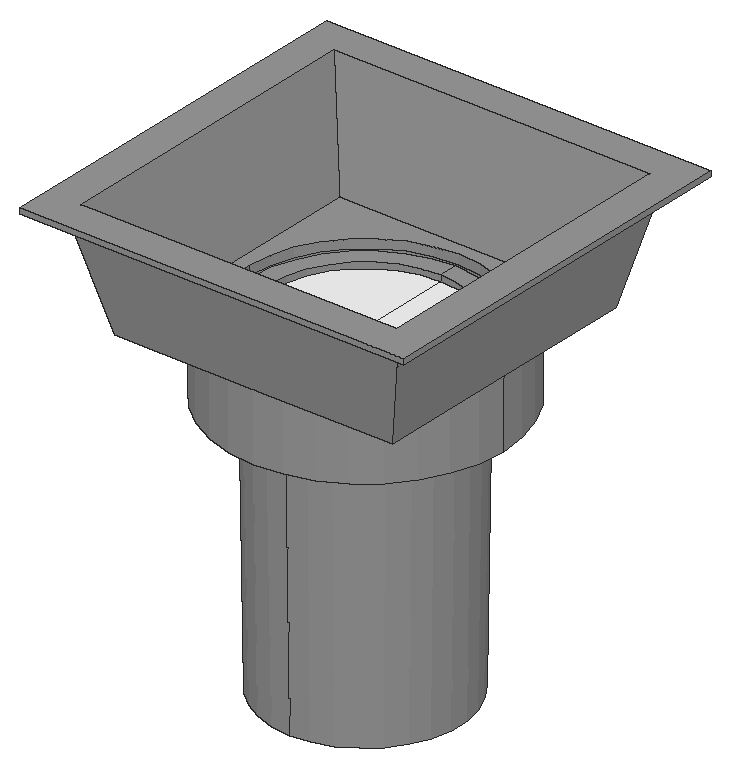
Revit family "0005315", category Lighting Fixtures, host Face, Revit 2017
Family settings
  Host = Face
  Round Connector Dimension = Use Diameter
  Part Type = Normal
  OmniClass Number = 23.80.70.00
  OmniClass Title = Lighting
  Cut with Voids When Loaded = No
  Light Source = No
  Shared = No
  Room Calculation Point = No
Parameters (values of type "0005315+0005306 Ludospot 50 Hous Sqr Deco 85 Tilt WHT+ Ludospot 50 940lm 940 WB DIM")
  Weight = "n/a"
  Wattage Comments = ""
  WarrantyStartDate [instance] = "n/a"
  WarrantyGuarantorParts = "n/a"
  WarrantyDurationUnit = "n/a"
  WarrantyDurationParts = "n/a"
  WarrantyDescription = "n/a"
  Voltage = 0 V
  URL = "http://www.sylvania-lighting.com"
  TypeName = "Ludospot 50 Hous Sqr Deco 85 Tilt WHT + Ludospot 50 940lm 940 WB DIM"
  TypeLamp_SYL = Ludospot 50 Modules : 0005306 Ludospot 50 940lm 940 WB DIM
  Type Image = <None>
  Type Comments = "n/a"
  SerialNumber [instance] = "n/a"
  RecessWidth_SYL = 75 mm
  Material_3_SYL = none
  PowerFactor = 0
  PowerConsumption = "n/a"
  NominalLength = 85 mm
  NominalHeight = 0 mm
  NominalDepth = 85 mm
  Name = "Ludospot 50 Hous Sqr Deco 85 Tilt WHT + Ludospot 50 940lm 940 WB DIM"
  ModelReference = Name  # "Ludospot 50 Hous Sqr Deco 85 Tilt WHT + Ludospot 50 940lm 940 WB DIM"
  ModelNumber = "0005315+0005306"
  Model = Name  # "Ludospot 50 Hous Sqr Deco 85 Tilt WHT + Ludospot 50 940lm 940 WB DIM"
  Material = "aluminium housing"
  ManufacturerName = "Feilo Sylvania"
  Manufacturer = "Feilo Sylvania"
  LuminousEfficacy = "n/a"
  LuminaireType = ""
  LightOutputRatio = "n/a"
  LampsType = Lamp  # "LED"
  LampNominalLuminous = "n/a"
  LampMacAdamStep = "n/a"
  LampColourTemperature = "n/a"
  LampColourRenderingIndex = "n/a"
  Lamp = "LED"
  Keynote = "16500"
  InstallationDate [instance] = "n/a"
  InputVoltage = "n/a"
  InputNominalFrequency = "n/a"
  IngressProtection = "IP20"
  ImpactProtectionIndex = "IK03"
  IfcExportType = "IfcLightFixtureType"
  IfcExportAs = "IfcLightFixtureType"
  VerticalRotation_SYL [instance] = 0.00°
  EndAngleV_SYL [instance] = VerticalRotation_SYL + 180.00°  # 180.00°
  ElectricShockClassification = "n/a"
  DocumentationLiterature = "http://www.sylvania-lighting.com/product/en-int/products/0005315"
  DimmingControlOptions = "n/a"
  Material_2_SYL = none
  Description = ""
  Default Elevation = 1219.2 mm
  CreatedOn = "7/29/2019"
  CreatedBy = "@sylvania-lighting.com"
  Cost = 0
  built-in parameter 1114216 [instance] = (empty or 0)
  ClassificationValue = "EF_70_80"
  ClassificationName = "Uniclass2015"
  Material_1_SYL = PC/ABS Plastic
  BarCode [instance] = "n/a"
  AssetType = "Fixed"
  AssetIdentifier [instance] = "n/a"
  Assembly Code = "D5020200"
  Apparent Load = 0 VA
  Material_4_SYL = none
Types (6, lengths in mm): name | TypeName | TypeLamp_SYL | Name | ModelReference | ModelNumber | Model
  0005315+0005306 Ludospot 50 Hous Sqr Deco 85 Tilt WHT+ Ludospot 50 940lm 940 WB DIM | "Ludospot 50 Hous Sqr Deco 85 Tilt WHT + Ludospot 50 940lm 940 WB DIM" | Ludospot 50 Modules : 0005306 Ludospot 50 940lm 940 WB DIM | "Ludospot 50 Hous Sqr Deco 85 Tilt WHT + Ludospot 50 940lm 940 WB DIM" | "Ludospot 50 Hous Sqr Deco 85 Tilt WHT + Ludospot 50 940lm 940 WB DIM" | "0005315+0005306" | "Ludospot 50 Hous Sqr Deco 85 Tilt WHT + Ludospot 50 940lm 940 WB DIM"
  0005315+0005305 Ludospot 50 Hous Sqr Deco 85 Tilt WHT+ Ludospot 50 920lm 930 WB DIM | "Ludospot 50 Hous Sqr Deco 85 Tilt WHT + Ludospot 50 920lm 930 WB DIM" | Ludospot 50 Modules : 0005305 Ludospot 50 920lm 940 WB DIM | "Ludospot 50 Hous Sqr Deco 85 Tilt WHT + Ludospot 50 920lm 930 WB DIM" | "Ludospot 50 Hous Sqr Deco 85 Tilt WHT + Ludospot 50 920lm 930 WB DIM" | "0005315+0005305" | "Ludospot 50 Hous Sqr Deco 85 Tilt WHT + Ludospot 50 920lm 930 WB DIM"
  0005315+0005304 Ludospot 50 Hous Sqr Deco 85 Tilt WHT+ Ludospot 50 1000lm 940 MB DIM | "Ludospot 50 Hous Sqr Deco 85 Tilt WHT + Ludospot 50 1000lm 940 MB DIM" | Ludospot 50 Modules : 0005304 Ludospot 50 1000lm 940 MB DIM | "Ludospot 50 Hous Sqr Deco 85 Tilt WHT + Ludospot 50 1000lm 940 MB DIM" | "Ludospot 50 Hous Sqr Deco 85 Tilt WHT + Ludospot 50 1000lm 940 MB DIM" | "0005315+0005304" | "Ludospot 50 Hous Sqr Deco 85 Tilt WHT + Ludospot 50 1000lm 940 MB DIM"
  0005315+0005303 Ludospot 50 Hous Sqr Deco 85 Tilt WHT+ Ludospot 50 950lm 930 MB DIM | "Ludospot 50 Hous Sqr Deco 85 Tilt WHT + Ludospot 50 950lm 930 MB DIM" | Ludospot 50 Modules : 0005303 Ludospot 50 950lm 930 MB DIM | "Ludospot 50 Hous Sqr Deco 85 Tilt WHT + Ludospot 50 950lm 930 MB DIM" | "Ludospot 50 Hous Sqr Deco 85 Tilt WHT + Ludospot 50 950lm 930 MB DIM" | "0005315+0005303" | "Ludospot 50 Hous Sqr Deco 85 Tilt WHT + Ludospot 50 950lm 930 MB DIM"
  0005315+0005302 Ludospot 50 Hous Sqr Deco 85 Tilt WHT+ Ludospot 50 990lm 940 NB DIM | "Ludospot 50 Hous Sqr Deco 85 Tilt WHT + Ludospot 50 990lm 940 NB DIM" | Ludospot 50 Modules : 0005302 Ludospot 50 990lm 930 NB DIM | "Ludospot 50 Hous Sqr Deco 85 Tilt WHT + Ludospot 50 990lm 940 NB DIM" | "Ludospot 50 Hous Sqr Deco 85 Tilt WHT + Ludospot 50 990lm 940 NB DIM" | "0005315+0005302" | "Ludospot 50 Hous Sqr Deco 85 Tilt WHT + Ludospot 50 990lm 940 NB DIM"
  0005315+0005301 Ludospot 50 Hous Sqr Deco 85 Tilt WHT+ Ludospot 50 950lm 930 NB DIM | "Ludospot 50 Hous Sqr Deco 85 Tilt WHT + Ludospot 50 950lm 930 NB DIM" | Ludospot 50 Modules : 0005301 Ludospot 50 950lm 930 NB DIM | "Ludospot 50 Hous Sqr Deco 85 Tilt WHT + Ludospot 50 950lm 930 NB DIM" | "Ludospot 50 Hous Sqr Deco 85 Tilt WHT + Ludospot 50 950lm 930 NB DIM" | "0005315+0005301" | "Ludospot 50 Hous Sqr Deco 85 Tilt WHT + Ludospot 50 950lm 930 NB DIM"
Reference planes
  plane 1 "Center (Front/Back)": y = 0
  plane 2: z = 0
  plane 3 "Center (Left/Right)": x = 0
  plane 4: z = -150
  plane 5: z = 0
  plane 6: z = -400
  plane 7: y = 42.5
  plane 8: y = -42.5
  plane 9: x = -42.5
  plane 10: x = 42.5
  plane 11: z = 1.2
  plane 12: y = 35
  plane 13: y = -35
  plane 14: x = -35
  plane 15: x = 35
  plane 16: y = 35
  plane 17: y = 28.8
  plane 18: y = -28.8
  plane 19: x = -28.8
  plane 20: x = 28.8
  plane 21: z = -23
  plane 22: y = 36.9
  plane 23: y = -36.9
  plane 24: x = -36.9
  plane 25: x = 36.9
  plane 26: x = 30.8
  plane 27: x = -30.8
  plane 28: y = 30.8
  plane 29: y = -30.8
  plane 30: z = -25
  plane 31: z = -40
  plane 32: x = -25.8
Forms (mm)
  Extrusion 1, void
    sketch origin (1223.4, -4572, -87.5) x (0, -1, 0) y (1, 0, 0)
      loop
        line (-4609.5, -1260.9) -> (-4534.5, -1260.9) -> (-4534.5, -1185.9) -> (-4609.5, -1185.9) -> (-4609.5, -1260.9)
    from 87.5 to -62.5
  Extrusion 2, solid, material "PC/ABS Plastic" <- "Material_1_SYL"
    sketch origin (0, 0, 0) x (1, 0, 0) y (0, 1, 0)
      loop
        line (-42.5, 42.5) -> (-42.5, -42.5) -> (42.5, -42.5) -> (42.5, 42.5) -> (-42.5, 42.5)
    from 0 to 1.2
  Blend 3, solid, material "PC/ABS Plastic" <- "Material_1_SYL"
    base sketch origin (1223.4, -4572, 2.5) x (0, -1, 0) y (1, 0, 0)
      loop
        line (-4608.9, -1260.3) -> (-4535.1, -1260.3) -> (-4535.1, -1186.5) -> (-4608.9, -1186.5) -> (-4608.9, -1260.3)
    top sketch origin (1223.4, -4572, 2.5) x (0, -1, 0) y (1, 0, 0)
      loop
        line (-4602.8, -1254.2) -> (-4541.2, -1254.2) -> (-4541.2, -1192.6) -> (-4602.8, -1192.6) -> (-4602.8, -1254.2)
    from -2.5 to -27.5
  Blend 4, void
    base sketch origin (178.584, -4572, 1.2) x (-1, 0, 0) y (0, -1, 0)
      loop
        line (213.584, -4607) -> (213.584, -4537) -> (143.584, -4537) -> (143.584, -4607) -> (213.584, -4607)
    top sketch origin (178.584, -4572, 1.2) x (-1, 0, 0) y (0, -1, 0)
      loop
        line (207.384, -4600.8) -> (207.384, -4543.2) -> (149.784, -4543.2) -> (149.784, -4600.8) -> (207.384, -4600.8)
    from 0 to -24.2
  Revolve 5, solid, material "PC/ABS Plastic" <- "Material_1_SYL"
    sketch origin (0, 0, 0) x (1, 0, 0) y (0, 0, 1)
      loop
        line (-28.8, -40) -> (-28.8, -25) -> (-30.8, -25) -> (-30.8, -40) -> (-28.8, -40)
      axis (0, -25) -> (0, -40)
    angle from 360 to 0
  Revolve 6, void
    sketch origin (0, 0, 0) x (1, 0, 0) y (0, 0, 1)
      loop
        line (0, -25) -> (0, -23) -> (-25.8, -23) -> (-25.8, -25) -> (0, -25)
      axis (0, -23) -> (0, -25)
    angle from 360 to 0
  Revolve 7, solid, not visible
    sketch origin (178.584, -4572, -25) x (0, -1, 0) y (1, 0, 0)
      loop
        line (-4572, -178.584) -> (-4582, -178.584) -> (-4582, -183.584) -> (-4572, -183.584) -> (-4572, -178.584)
      axis (-4582, -178.584) -> (-4572, -178.584)
    angle from 0 <- "VerticalRotation_SYL" to 180 <- "EndAngleV_SYL"
Cuts and joins
  Blend 4, Revolve 6 cuts Extrusion 2
  Blend 4, Revolve 6 cuts Blend 3
  joined: Extrusion 2, Blend 3, Revolve 5
Lines and regions (mm)
  reference lines
    curve 1: line (37.5, -37.5, 2.5) -> (-37.5, -37.5, 2.5)
    curve 2: line (-37.5, -37.5, 2.5) -> (-37.5, 37.5, 2.5)
    curve 3: line (-37.5, 37.5, 2.5) -> (37.5, 37.5, 2.5)
    curve 4: line (37.5, 37.5, 2.5) -> (37.5, -37.5, 2.5)
Dimensions and locks
  equal spacing: host sketch curve, plane 1 "Center (Front/Back)", host sketch curve
  equal spacing: host sketch curve, plane 3 "Center (Left/Right)", host sketch curve
  equal spacing: curve 2, plane 3 "Center (Left/Right)", curve 4
  equal spacing: curve 1, plane 1 "Center (Front/Back)", curve 3
  "RecessWidth_SYL": curve 2 to curve 4
  "RecessWidth_SYL": curve 1 to curve 3
  locked: plane 2 to plane 4 at 150
  equal spacing: plane 9, plane 3 "Center (Left/Right)", plane 10
  locked: plane 9 to plane 10 at 85
  equal spacing: plane 8, plane 1 "Center (Front/Back)", plane 7
  locked: plane 8 to plane 7 at 85
  locked: plane 11 to plane 5 at 1.2
  equal spacing: plane 19, plane 3 "Center (Left/Right)", plane 20
  locked: plane 19 to plane 20 at 57.6
  equal spacing: plane 18, plane 1 "Center (Front/Back)", plane 17
  locked: plane 18 to plane 17 at 57.6
  locked: plane 11 to plane 21 at 24.2
  equal spacing: plane 23, plane 1 "Center (Front/Back)", plane 22
  locked: plane 23 to plane 22 at 73.8
  equal spacing: plane 24, plane 3 "Center (Left/Right)", plane 25
  locked: plane 24 to plane 25 at 73.8
  equal spacing: plane 14, plane 3 "Center (Left/Right)", plane 15
  locked: plane 14 to plane 15 at 70
  equal spacing: plane 13, plane 1 "Center (Front/Back)", plane 16
  locked: plane 13 to plane 16 at 70
  equal spacing: plane 27, plane 3 "Center (Left/Right)", plane 26
  locked: plane 27 to plane 26 at 61.6
  equal spacing: plane 29, plane 1 "Center (Front/Back)", plane 28
  locked: plane 29 to plane 28 at 61.6
  locked: plane 11 to plane 30 at 26.2
  locked: plane 30 to plane 31 at 15
  locked: plane 32 to plane 19 at 3
  aligned and locked: plane 2 to host face
  aligned and locked: level to host face
  aligned and locked: Extrusion 1 sketch curve to curve 3
  aligned and locked: Extrusion 1 sketch curve to curve 4
  aligned and locked: Extrusion 1 sketch curve to curve 1
  aligned and locked: Extrusion 1 sketch curve to curve 2
  aligned and locked: level to Extrusion 1
  aligned and locked: plane 4 to Extrusion 1
  aligned and locked: Extrusion 2 sketch curve to plane 7
  aligned and locked: Extrusion 2 sketch curve to plane 9
  aligned and locked: plane 8 to Extrusion 2 sketch curve
  aligned and locked: plane 10 to Extrusion 2 sketch curve
  aligned and locked: Extrusion 2 to plane 11
  aligned and locked: Extrusion 2 to level
  aligned and locked: Blend 3 sketch curve to plane 22
  aligned and locked: Blend 3 sketch curve to plane 24
  aligned and locked: plane 23 to Blend 3 sketch curve
  aligned and locked: plane 25 to Blend 3 sketch curve
  aligned and locked: Blend 3 sketch curve to plane 28
  aligned and locked: plane 29 to Blend 3 sketch curve
  aligned and locked: plane 27 to Blend 3 sketch curve
  aligned and locked: Blend 3 sketch curve to plane 26
  aligned and locked: level to Blend 3
  aligned and locked: plane 30 to Blend 3
  aligned and locked: plane 12 to Blend 4 sketch curve
  aligned and locked: plane 14 to Blend 4 sketch curve
  aligned and locked: Blend 4 sketch curve to plane 13
  aligned and locked: Blend 4 sketch curve to plane 15
  aligned and locked: plane 17 to Blend 4 sketch curve
  aligned and locked: plane 19 to Blend 4 sketch curve
  aligned and locked: Blend 4 sketch curve to plane 18
  aligned and locked: Blend 4 sketch curve to plane 20
  aligned and locked: plane 21 to Blend 4
  aligned and locked: Blend 4 to plane 11
  aligned and locked: Revolve 5 sketch curve to plane 3 "Center (Left/Right)"
  aligned and locked: Revolve 5 sketch curve to plane 31
  aligned and locked: Revolve 5 sketch curve to plane 19
  aligned and locked: Revolve 5 sketch curve to cut or joined group of Extrusion 2, Blend 3, Blend 4, Revolve 5, Revolve 6  (x2)
  aligned and locked: Revolve 6 sketch curve to plane 3 "Center (Left/Right)"  (x2)
  aligned and locked: Revolve 6 sketch curve to cut or joined group of Extrusion 2, Blend 3, Blend 4, Revolve 5, Revolve 6
  aligned and locked: plane 1 "Center (Front/Back)" to Revolve 7 sketch curve
  aligned and locked: plane 3 "Center (Left/Right)" to Revolve 7 sketch curve
  aligned and locked: Revolve 7 sketch curve to plane 3 "Center (Left/Right)"
  aligned and locked: plane 32 to Revolve 6 sketch curve
  aligned and locked: plane 1 "Center (Front/Back)" to nested 1
Automatic sketch dimensions
  plane 6 to Revolve 5 sketch curve = 209.6 mm
  Revolve 5 sketch curve to plane 11 = 2607.858 mm
  Revolve 7 sketch curve to plane 1 "Center (Front/Back)" = 10 mm
  Revolve 7 sketch curve to plane 3 "Center (Left/Right)" = 5 mm
  Revolve 7 sketch curve to plane 7 = 1481.5 mm
  plane 8 to Revolve 7 sketch curve = 1481.5 mm
  Revolve 6 sketch curve to plane 21 = 0 mm
  plane 6 to Revolve 6 sketch curve = 209.6 mm
  Revolve 6 sketch curve to plane 11 = 2607.858 mm
Nested families
  nested 1: "Ludospot 50 Modules" at (0, 0, -25) x (0, -1, 0) z (0, 0, 1), type <- "TypeLamp_SYL", type "0005306 Ludospot 50 940lm 940 WB DIM"
    with WarrantyStartDate "n/a", SerialNumber "n/a", InstallationDate "n/a", built-in parameter 1114216 (empty or 0), BarCode "n/a", AssetIdentifier "n/a"
Definition of nested family "Ludospot 50 Modules"
  Parameters (values of type "0005305 Ludospot 50 920lm 940 WB DIM")
    Weight = ""
    Wattage Comments = ""
    Wattage = 12 W
    WarrantyStartDate [instance] = "n/a"
    WarrantyGuarantorParts = "n/a"
    WarrantyDurationUnit = "n/a"
    WarrantyDurationParts = "n/a"
    WarrantyDescription = "n/a"
    built-in parameter 1150110 = 1 (stored number, unit not read)
    Voltage = 220 V
    URL = "http://www.sylvania-lighting.com"
    TypeName = "Ludospot 50 920lm 940 WB DIM"
    Type Image = (empty or 0)
    Type Comments = "n/a"
    built-in parameter 1114217 = 1 (stored number, unit not read)
    Tilt Angle = -90.00°
    built-in parameter 1150109 = 1 (stored number, unit not read)
    built-in parameter 1150134 = (empty or 0)
    built-in parameter 1150113 = 1 (stored number, unit not read)
    SerialNumber [instance] = "n/a"
    Photometric Web File = "0005305.ies"
    Material_3_SYL = none
    PowerFactor = 0.9
    PowerConsumption = "12 W"
    NominalLength = 50 mm
    NominalHeight = 73 mm
    NominalDepth = 50 mm
    Name = "0005305 Ludospot 50 920lm 940 WB DIM"
    ModelReference = Name  # "0005305 Ludospot 50 920lm 940 WB DIM"
    ModelNumber = "0005305"
    Model = Name  # "0005305 Ludospot 50 920lm 940 WB DIM"
    Material = "aluminium housing"
    ManufacturerName = "Feilo Sylvania"
    Manufacturer = "Feilo Sylvania"
    LuminousEfficacy = "77 lm/W"
    built-in parameter 1150105 = 73.53 (stored number, unit not read)
    Lumens = 924 lm
    LuminaireType = ""
    built-in parameter 1150115 = 1 (stored number, unit not read)
    LightOutputRatio = ""
    built-in parameter 1150137 = (empty or 0)
    built-in parameter 1150139 = (empty or 0)
    LampsType = Lamp  # "LED"
    LampNominalLuminous = "920 lm"
    LampMacAdamStep = "3"
    LampColourTemperature = "3000 K"
    LampColourRenderingIndex = "90"
    built-in parameter 1150112 = 1 (stored number, unit not read)
    built-in parameter 1150114 = 1 (stored number, unit not read)
    Lamp = "LED"
    Keynote = "16500"
    InstallationDate [instance] = "n/a"
    InputVoltage = "220-240 V AC"
    InputNominalFrequency = "50/60 HZ"
    built-in parameter 1150132 = (empty or 0)
    built-in parameter 1150102 = (empty or 0)
    built-in parameter 1150107 = 3000 (stored number, unit not read)
    built-in parameter 1150138 = (empty or 0)
    IngressProtection = "IP44/20"
    ImpactProtectionIndex = "IK03"
    built-in parameter 1150106 = 0.7353 (stored number, unit not read)
    IfcExportType = "IfcLightFixtureType"
    IfcExportAs = "IfcLightFixtureType"
    Emit from Circle Diameter = 40 mm
    Emit Shape Visible in Rendering = no
    ElectricShockClassification = "Class II"
    built-in parameter 1150104 = 7.1535 (stored number, unit not read)
    DocumentationLiterature = "https://www.sylvania-lighting.com/product/en-int/products/0005305/"
    DimmingControlOptions = "Mains: leading / trailing edge"
    Material_2_SYL = none
    Dimming Lamp Color Temperature Shift = (empty or 0)
    Description = ""
    Default Elevation = 1219.2 mm
    CreatedOn = ""
    CreatedBy = ""
    Cost = 0
    Color Filter = 16777215
    built-in parameter 1114216 [instance] = (empty or 0)
    ClassificationValue = "EF_70_80"
    ClassificationName = "Uniclass2015"
    Material_1_SYL = none
    BarCode [instance] = "n/a"
    built-in parameter 1114218 = 1 (stored number, unit not read)
    built-in parameter 1150133 = 10 (stored number, unit not read)
    AssetType = ""
    AssetIdentifier [instance] = "n/a"
    Assembly Code = "D5020200"
    Apparent Load = 12 VA
    Material_4_SYL = none
  Types (6, lengths in mm): name | TypeName | built-in parameter 1150134 | Photometric Web File | Name | ModelReference | ModelNumber | Model | LuminousEfficacy | built-in parameter 1150105 | Lumens | LampNominalLuminous | LampColourTemperature | built-in parameter 1150107 | built-in parameter 1150106 | built-in parameter 1150104 | DocumentationLiterature
    0005305 Ludospot 50 920lm 940 WB DIM | "Ludospot 50 920lm 940 WB DIM" | (empty or 0) | "0005305.ies" | "0005305 Ludospot 50 920lm 940 WB DIM" | "0005305 Ludospot 50 920lm 940 WB DIM" | "0005305" | "0005305 Ludospot 50 920lm 940 WB DIM" | "77 lm/W" | 73.53 (stored number, unit not read) | 924 lm | "920 lm" | "3000 K" | 3000 (stored number, unit not read) | 0.7353 (stored number, unit not read) | 7.1535 (stored number, unit not read) | "https://www.sylvania-lighting.com/product/en-int/products/0005305/"
    0005304 Ludospot 50 1000lm 940 MB DIM | "Ludospot 50 1000lm 940 MB DIM" | 12 | "0005304.ies" | "0005304 Ludospot 50 1000lm 940 MB DIM" | "0005304 Ludospot 50 1000lm 940 MB DIM" | "0005304" | "0005304 Ludospot 50 1000lm 940 MB DIM" | "83 lm/W" | 79.259 (stored number, unit not read) | 996 lm | "950 lm" | "4000 K" | 4000 (stored number, unit not read) | 0.79259 (stored number, unit not read) | 7.711 (stored number, unit not read) | "https://www.sylvania-lighting.com/product/en-int/products/0005304/"
    0005303 Ludospot 50 950lm 930 MB DIM | "Ludospot 50 950lm 930 MB DIM" | (empty or 0) | "0005303.ies" | "0005303 Ludospot 50 950lm 930 MB DIM" | "0005303 Ludospot 50 950lm 930 MB DIM" | "0005303" | "0005303 Ludospot 50 950lm 930 MB DIM" | "80 lm/W" | 76.394 (stored number, unit not read) | 960 lm | "1000 lm" | "3000 K" | 3000 (stored number, unit not read) | 0.76394 (stored number, unit not read) | 7.4322 (stored number, unit not read) | "https://www.sylvania-lighting.com/product/en-int/products/0005303/"
    0005302 Ludospot 50 990lm 930 NB DIM | "Ludospot 50 990lm 930 NB DIM" | 12 | "0005302.ies" | "0005302 Ludospot 50 990lm 930 NB DIM" | "0005302 Ludospot 50 990lm 930 NB DIM" | "0005302" | "0005302 Ludospot 50 990lm 930 NB DIM" | "83 lm/W" | 79.259 (stored number, unit not read) | 996 lm | "990 lm" | "4000 K" | 4000 (stored number, unit not read) | 0.79259 (stored number, unit not read) | 7.711 (stored number, unit not read) | "https://www.sylvania-lighting.com/product/en-int/products/0005302/"
    0005301 Ludospot 50 950lm 930 NB DIM | "Ludospot 50 950lm 930 NB DIM" | (empty or 0) | "0005301.ies" | "0005301 Ludospot 50 950lm 930 NB DIM" | "0005301 Ludospot 50 950lm 930 NB DIM" | "0005301" | "0005301 Ludospot 50 950lm 930 NB DIM" | "80 lm/W" | 76.394 (stored number, unit not read) | 960 lm | "950 lm" | "3000 K" | 3000 (stored number, unit not read) | 0.76394 (stored number, unit not read) | 7.4322 (stored number, unit not read) | "https://www.sylvania-lighting.com/product/en-int/products/0005301/"
    0005306 Ludospot 50 940lm 940 WB DIM | "Ludospot 50 940lm 940 WB DIM" | 12 | "0005306.ies" | "0005306 Ludospot 50 940lm 940 WB DIM" | "0005306 Ludospot 50 940lm 940 WB DIM" | "0005306" | "0005306 Ludospot 50 940lm 940 WB DIM" | "78 lm/W" | 74.485 (stored number, unit not read) | 936 lm | "940 lm" | "4000 K" | 4000 (stored number, unit not read) | 0.74485 (stored number, unit not read) | 7.2464 (stored number, unit not read) | "https://www.sylvania-lighting.com/product/en-int/products/0005306/"
  Reference planes
    plane 1 "Center (Front/Back)": y = 0
    plane 2: z = 0
    plane 3 "Center (Left/Right)": x = 0
    plane 4: x = -25
    plane 5: z = -2.7
    plane 6: x = -23.6
    plane 7: z = -3.7
    plane 8: z = -12.7
    plane 9: z = -25.7
    plane 10: x = -22
    plane 11: z = -73
    plane 12: x = -21
    plane 13: z = -1.3
  Forms (mm)
    Extrusion 1, solid
      sketch origin (4.2, 0, 0) x (1, 0, 0) y (0, 1, 0)
        loop
          line (-1219.2, 1219.2) -> (-1219.2, -1219.2) -> (1219.2, -1219.2) -> (1219.2, 1219.2) -> (-1219.2, 1219.2)
      from 0 to -68.017
    Revolve 2, solid, material <- "Material_1_SYL"
      sketch origin (0, 0, 0) x (1, 0, 0) y (0, 0, 1)
        loop
          line (-25, 0) -> (-25, -2.7) -> (-23.6, -2.7) -> (-23.6, -3.7) -> (-22, -12.7) -> (-21, -73) -> (0, -73) -> (0, -1.3) -> (-21, -1.3) -> (-21, 0) -> (-25, 0)
        axis (0, 0) -> (0, -73)
      angle from 360 to 0
  Dimensions and locks
    locked: plane 3 "Center (Left/Right)" to plane 4 at 25
    locked: plane 3 "Center (Left/Right)" to plane 6 at 23.6
    locked: plane 7 to plane 8 at 9
    locked: plane 3 "Center (Left/Right)" to plane 10 at 22
    locked: plane 2 to plane 11 at 73
    locked: plane 3 "Center (Left/Right)" to plane 12 at 21
    plane 2 to plane 13 to plane 5 to plane 7 = 1.3 mm locked, 1.4 mm locked, 1 mm locked
    aligned and locked: plane 2 to Extrusion 1
    aligned and locked: level to Extrusion 1
    aligned and locked: Revolve 2 sketch curve to plane 4
    aligned and locked: plane 5 to Revolve 2 sketch curve
    aligned and locked: Revolve 2 sketch curve to plane 6
    aligned and locked: plane 8 to Revolve 2 sketch curve
    aligned and locked: plane 12 to Revolve 2 sketch curve  (x2)
    aligned and locked: plane 11 to Revolve 2 sketch curve
    aligned and locked: plane 3 "Center (Left/Right)" to Revolve 2 sketch curve
    aligned and locked: Revolve 2 sketch curve to level
    aligned and locked: plane 13 to Revolve 2 sketch curve  (x2)
    aligned and locked: Revolve 2 sketch curve to plane 12
    aligned and locked: level to imposter light
    aligned and locked: plane 3 "Center (Left/Right)" to imposter light
    aligned and locked: imposter light to plane 1 "Center (Front/Back)"
  Connectors
    electrical at (0, 0, -73), driven by "PowerFactor", driven by "Voltage", driven by "Apparent Load"
      settings: on Revolve 2, index 1, voltage 220 V, apparent load 12 VA, apparent load phase1 0 VA, apparent load phase2 0 VA, apparent load phase3 0 VA, power factor 0.9, load classification none, number of poles 1, system type 30, power factor state 1, is connector primary yes, connector utility no, sub classification motor no, connector description ""
